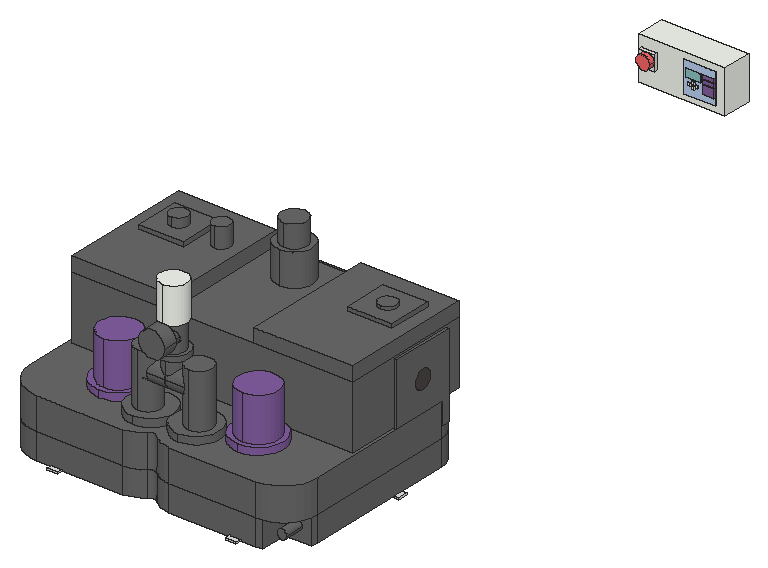
Revit family "11055", category Generic Models, Revit 2021
Family settings
  Can host rebar = No
  Round Connector Dimension = Use Diameter
  Part Type = Normal
  Work Plane-Based = No
  Always vertical = Yes
  Cut with Voids When Loaded = No
  Shared = Yes
  Room Calculation Point = No
Parameters (values of type "11055")
  SUPPLIER = "KESSEL"
  SA700ID49 = "Protection Class I"
  SA700ID48 = "no"
  SA700ID47 = "no"
  SA700ID46 = "yes"
  SA700ID37 = 16000 mm
  SA700ID34 = 47
  SA700ID33 = 3.2 W
  SA700ID32 = 115.75 kg
  SA700ID31 = 1
  SA700ID30 = 2
  SA700ID29 = "GLRD"
  SA700ID21 = 1600
  SA700ID10 = "yes"
  SA700ID08 = 400 V
  PROCUREWEBLINK = "https://p.caden.as/kessel/11055"
  PROCURELINK = "p.caden.as/kessel/11055"
  PROCUREDATALASTUPDATE = "2024-05-22T12:17:51.099298213+01:00"
  PREVIEW = "../../bilder/ksb_w_11055.png"
  PRC_SPECIFICATIONLINK = "https://ausschreiben.de/catalog/kessel/catalogItem/36ce452b-233b-484b-bd8c-951a5c83d3db"
  NN = "Lifting station Aqualift F XL"
  NBSYN = "$SA810ID03."
  NB = "11055"
  Model = "11055"
  Manufacturer = "KESSEL"
  MIdent = "{$CADENAS_DATA/23d-libs/kessel/kessel_vdi_import/4/entwaesserung/hebeanlage20aqualift20f20xl.prj},200 {STYP=ASS},{VTYP=3D},{NB=11055},{LINA=11055},{NN=Lifting station Aqualift F XL},{DATE=21.11.2022 10:48:11},{GEOMDATE=21.11.2022 10:48:11},{VERSION=},{LINEID=80},{WBVAR=LODLEVEL},{WBNUMERIC=LODLEVEL}  {NB=11055},{LINA=11055},{KT=DUMMY},{PREVIEW=../../bilder/ksb_w_11055.png},{SA700ID04=Hebeanlage Aqualift F XL 450 l, Duo, SPF 3000-S3, Schieber},{SA810ID06=04026092057223},{SA700ID34=47.00},{SA010ID03=201805},{SA810ID03=11055},{SA810ID10=Aqualift F XL 3000W-S3 Duo 450L m.S.KESSEL Aqualift F XL Hebeanlage für fäkalienhaltiges und fäkalienfreiesAbwasser. Zur Aufstellung in frostgeschützten Räumen.Duoanlage mit zwei Pumpen des Typs SPF 3000-S3 Sammelbehälter aus Polyethylen, mit verschraubter Reinigungsöffnung,Anschlussstutzen für Zulauf von oben DN100/150.Inklusive Tauchrohr zur pneumatischen Niveauerfassung,Entlüftungsanschluss DN 70 und Anschluss für eine Handmembranpumpe DN 32.Behälter inklusive Haltewinkel zur Auftriebssicherung.Behältervolumen 450 Liter, max. Nutzvolumen bei Zulauf von oben ca. 250 Liter.Zwei seitliche und drei rückseitige Anbohrflächen zur Montage weiterer Zuläufe bis DN 200 unter Verwendung von Durchgangsdichtungen.Inklusive KESSEL Schaltgerät Aqualift Comfort 400 V.Anwenderfreundliche Menüführung im mehrzeiligem Display. MitSelbstdiagnosesystem (SDS) und Erinnerungsfunktion für nächste Wartung.Anzeige der aktuellen Messwerte. Einfache Einstellung derfunktionsrelevanten Parameter, inklusive Betriebsstundenzähler und potentialfreiem Kontakt. Optionale Weiterleitung von Alarm- und Sammelstörmeldung über GSM Schnittstelle.Schaltgerät mit Volltextanzeige in sechs Sprachen.Abwasserpumpe(n) mit Freistromrad zur Förderung von fäkalienfreiem und fäkalienhaltigem Abwasser gemäß DIN EN 12050-1. Freier Kugeldurchgang mindestens 40 mm. Pumpe(n) überflutungssicher.Inklusive Rückflussverhinderer, mit Druckabgang aus Kunststoff DN 100. Inklusive Absperrschieber.Pumpe(n) Typ SPF 3000-S3Fördermenge: max. 47 m³/hFörderhöhe: max. 16 mNennleistung (P2): 2,7 KW je PumpeAufnahmeleistung (P1):  3,3 KW je PumpeBetriebsspannung: 400 V DSNennfrequenz: 50 HzNennstrom: 5,4 AAbsicherung: 3 x 16 A trägeSchutzart (Pumpe): IP68 3mWS/48hSchutzart (Schaltgerät): IP 65Bertiebsart: S3 (50 % Einschaltdauer)Kabellänge: 5 mAußenmaße Anlage mit 450 Liter Behälter (BxTxH): 1260 x 960 x 770 mm},{SA700ID37=16.00},{SA700ID33=3.20},{SA700ID08=400},{SA700ID30=2},{SA700ID32=115.75},{SA700ID49=Schutzklasse I},{SA700ID50=intern},{SA200ID03=6},{SA250ID03=vertikal},{SA260ID03=Trockenläuferpumpe},{SA350ID03=normalansaugend},{SA400ID03=E-Motor für Drehstrom},{SA460ID03=direkt},{SA500ID03=Kunststoff, Edelstahl},{SA700ID06=100},{SA700ID07=100},{SA700ID09=3/N/PE 400V},{SA700ID10=Ja},{SA700ID11=50},{SA700ID12=IP 68},{SA700ID13=F},{SA700ID15=40},{SA700ID21=1600.00},{SA700ID22=2.70},{SA700ID23=2845},{SA700ID24=2845},{SA700ID26=5.40},{SA700ID27=41.00},{SA700ID28=durchgehend},{SA700ID29=GLRD},{SA700ID31=1},{SA700ID46=ja},{SA700ID47=nein},{SA700ID48=nein},{SA110ID04=Hebeanlage Aqualift F XL},{SA300ID03=einstufig},{SA700ID44=10.00},{SA700ID45=10.00},{SA010ID04=KESSEL AG},{LODLEVEL=200},{LINK=https://www.kessel.de/info?han=11055},{SA970ID01=970},{SA970ID02=7202},{SA970ID03=11055},{SA970ID04=11002617},{SA970ID05=QUAD},{SA970ID06=-655.51},{SA970ID07=-836},{SA970ID08=0},{SA970ID09=1},{SA970ID10=0},{SA970ID11=0},{SA970ID12=0},{SA970ID13=1},{SA970ID14=0},{SA970ID15=1311.02},{SA970ID16=985.99},{SA970ID17=818.99},{LODLEVEL_=200,'Low'},{LODLEVEL_DEU=200,'Low'},{LINK_=https://www.kessel.de/info?han=11055},{LINK_DEU=https://www.kessel.de/info?han=11055},{LODLEVEL_3DB=11055_200},{DNIN1=100},{DNIN2=70},{DNIN4=10},{DNIN5=10},{DNIN6=50},{DNIN7=50},{DNIN8=50},{DNIN9=50},{DNOUT1=32},{DNOUT2=100},{DNOUT3=70},{ISD1=96},{ISD2=10},{ISDOUT1=40},{ISDOUT2=85},{ISDOUT3=65},{SA010ID01=010},{SA010ID02=4},{SA010ID06=www.kessel.de},{SA010ID07=www.kessel.de},{SA010ID12=20180713},{SA010ID13=DEU},{SA010ID14=DE},{SA100ID01=100},{SA100ID02=4},{SA100ID04=Entwässerung},{SA110ID01=110},{SA110ID02=6},{SA200ID01=200},{SA200ID02=6},{SA250ID01=250},{SA250ID02=2},{SA260ID01=260},{SA260ID02=2},{SA300ID01=300},{SA300ID02=1},{SA350ID01=350},{SA350ID02=1},{SA400ID01=400},{SA400ID02=2},{SA460ID01=460},{SA460ID02=1},{SA500ID01=500},{SA500ID02=1},{SA700ID01=700},{SA700ID02=58},{SA700ID10_=1},{SA700ID16=0},{SA700ID25=0},{SA700ID46_=1},{SA700ID47_=0},{SA700ID48_=0},{SA700ID49_=1},{SA700ID50_=2},{SA800ID01=800},{SA800ID02=22},{SA810ID01=810},{SA810ID02=58},{SA810ID04=11055},{SA810ID07=58},{SA810ID09=1},{SA810ID14=PCE},{SA810ID15=1},{SA810ID16=NMP},{SA960ID03=58},{SA960ID04=3L},{SA960ID08=https://www.kessel.de/info?han=11055},{SA010ID08=4026092000007},{SA100ID05=Hebeanlage},{SA110ID06=Hebeanlage}"
  LINK = "https://www.kessel.de/info?han=11055"
  LINA = "11055"
  Default Elevation = 0 mm
  CREATOR = "CADENAS GmbH"
  CATALOG = "KESSEL"
  BOMINFO = "LINA"
  ARTICLENO = "NB"
  4.810.00.9 Order quantity (multiplicator) = "1"
  4.810.00.7 Media- connection number = "58"
  4.810.00.6 GTIN number = "04026092057223"
  4.810.00.4 DATANORM number = "11055"
  4.810.00.3 Producer order number = "11055"
  4.710.03.7 Mass (net) = 115.75 kg
  4.710.03.6 Height = 806 mm
  4.710.03.5 Width = 1000 mm
  4.710.03.4 Length = 1260 mm
  4.710.03.3 Type of dimensions = "2"
  4.710.02.8 Area of application of wastewater pump = "1"
  4.710.02.7 Art des S2/S3-Betriebs = "50 %"
  4.710.02.6 Duty type = "S3"
  4.710.02.5 Cutting device = "0"
  4.710.02.4 Attached pump control = "1"
  4.710.02.3 Free passage = 40 mm
  4.710.01.6 Option to connect to building automation = "40"
  4.710.01.5 Load regulation = "0"
  4.710.01.4 Designation of closed-loop control = "250"
  4.710.01.3 Identifier for closed-loop control = "450"
  4.700.00.9 Voltage = 0
  4.700.00.8 Nominal connection size on suction side = "100"
  4.700.00.7 Nominal connection size on pressure side = "100"
  4.700.00.6 Type of connection = "100"
  4.700.00.4 Product indentification = "Hebeanlage Aqualift F XL 450 l, Duo, SPF 3000-S3, Schieber"
  4.700.00.28 Motor pump shaft = "durchgehend"
  4.700.00.27 Starting current = 41
  4.700.00.26 Maximum power consumption per pump / drive = 5.4
  4.700.00.25 Minimum speed at internal speed adjustment = 0
  4.700.00.24 Nominal speed / maximum speed n = 47.4167
  4.700.00.23 Nominal speed of motor = 47.4167
  4.700.00.22 Maximum shaft output (P2) per pump/drive = 2.7 W
  4.700.00.16 Maximum temperature of pumped medium = 0 °C
  4.700.00.15 Increased safety class = "40 °C"
  4.700.00.13 Type of protection = "F"
  4.700.00.12 Frequency = 0
  4.700.00.11 Stern-/Dreieck-Anlaufschaltung bei Dreiphasenanschluss oder Drehstrom = "50 Hz"
  4.700.00.10 Phase = "1"
  4.500.00.3 Variant / Variant type / Accessories-name = "Kunststoff, Edelstahl"
  4.460.00.3 Variant / Variant type / Accessories-name = "direkt"
  4.400.00.3 Variant / Variant type / Accessories-name = "E-Motor für Drehstrom"
  4.350.00.3 Variant / Variant type / Accessories-name = "normalansaugend"
  4.300.00.3 Variant / Variant type / Accessories-name = "einstufig"
  4.260.00.3 Variant / Variant type / Accessories-name = "Trockenläuferpumpe"
  4.250.00.3 Variant / Variant type / Accessories-name = "vertikal"
  4.200.00.3 Variant / Variant type / Accessories-name = "6"
  4.110.00.6 Product classification = "Hebeanlage"
  4.110.00.4 Product indentification = "Hebeanlage Aqualift F XL"
  4.100.00.5 Main groups of wares = "Hebeanlage"
  4.100.00.4 Product indentification = "Entwässerung"
  4.010.00.8 Producer ID number = "4026092000007"
  4.010.00.7 Comment = "www.kessel.de"
  4.010.00.6 Web address of the manufacturer = "www.kessel.de"
  4.010.00.4 Manufacturer name = "KESSEL AG"
  4.010.00.3 Date of issuance (month) of guideline = "201805"
  4.010.00.2 Sheet number of the guideline = "4"
  4.010.00.14 Kennungen der Projektländer, für die die Datei gültig ist = "DE"
  4.010.00.13 Sprache der Datei = "DEU"
  4.010.00.12 Stand des Herstellerkatalogs = "20180713"
Reference planes
  plane 1 "Center (Front/Back)": y = 0
  plane 2: z = 0
  plane 3 "Center (Left/Right)": x = 0
Dimensions and locks
  aligned and locked: level to plane 2
Nested families
  nested 1: "11055_content" at (0, 0, 0), type "11055_Content"
  nested 2: "11055_part1_X0Y0" at (1000, 1000, 1200), type "11055_PART1_X0Y0"
  nested 3: "11055_part2_X0Y0" at (0, 0, 0), type "11055_PART2_X0Y0"
Connectors
  electrical at (861, 933, 1201.5)
    settings: on nested 2, index 1, voltage 0 V, apparent load 0 VA, apparent load phase1 0 VA, apparent load phase2 0 VA, apparent load phase3 0 VA, power factor 1, load classification "Other", number of poles 1, system type 31, power factor state 1, is connector primary yes, connector utility no, sub classification motor no, connector description ""
  piping at (0, 0, 771), diameter 100
    settings: on nested 3, index 2, connector inside diameter 609.6 mm, connector length 0 mm, flow factor 0, pipe flow 0.0 L/s, pressure drop 0.0 Pa, fitting loss kfactor 0, connector angle 0.00°, fixture units 0, engagement length 0 mm, angle of deflection 0.00°, flow configuration 0, flow direction 1, fitting loss method 2, system type 8, joint type 0, gender type 0, connector reference index -1, connector utility 0, adjustable connector no, is connector primary yes, connector description ""
  piping at (631, -85, 392), diameter 70
    settings: on nested 3, index 3, connector inside diameter 609.6 mm, connector length 0 mm, flow factor 0, pipe flow 0.0 L/s, pressure drop 0.0 Pa, fitting loss kfactor 0, connector angle 0.00°, fixture units 0, engagement length 0 mm, angle of deflection 0.00°, flow configuration 0, flow direction 0, fitting loss method 2, system type 8, joint type 0, gender type 0, connector reference index -1, connector utility 0, adjustable connector no, is connector primary no, connector description ""
  piping at (358.7, 150.5, 392), diameter 70
    settings: on nested 3, index 4, connector inside diameter 609.6 mm, connector length 0 mm, flow factor 0, pipe flow 0.0 L/s, pressure drop 0.0 Pa, fitting loss kfactor 0, connector angle 0.00°, fixture units 0, engagement length 0 mm, angle of deflection 0.00°, flow configuration 0, flow direction 0, fitting loss method 2, system type 8, joint type 0, gender type 0, connector reference index -1, connector utility 0, adjustable connector no, is connector primary no, connector description ""
  piping at (0, 150.5, 392), diameter 70
    settings: on nested 3, index 5, connector inside diameter 609.6 mm, connector length 0 mm, flow factor 0, pipe flow 0.0 L/s, pressure drop 0.0 Pa, fitting loss kfactor 0, connector angle 0.00°, fixture units 0, engagement length 0 mm, angle of deflection 0.00°, flow configuration 0, flow direction 0, fitting loss method 2, system type 8, joint type 0, gender type 0, connector reference index -1, connector utility 0, adjustable connector no, is connector primary no, connector description ""
  piping at (-357.7, 150.5, 392), diameter 70
    settings: on nested 3, index 6, connector inside diameter 609.6 mm, connector length 0 mm, flow factor 0, pipe flow 0.0 L/s, pressure drop 0.0 Pa, fitting loss kfactor 0, connector angle 0.00°, fixture units 0, engagement length 0 mm, angle of deflection 0.00°, flow configuration 0, flow direction 0, fitting loss method 2, system type 8, joint type 0, gender type 0, connector reference index -1, connector utility 0, adjustable connector no, is connector primary no, connector description ""
  piping at (-630.5, -85, 392), diameter 70
    settings: on nested 3, index 7, connector inside diameter 609.6 mm, connector length 0 mm, flow factor 0, pipe flow 0.0 L/s, pressure drop 0.0 Pa, fitting loss kfactor 0, connector angle 0.00°, fixture units 0, engagement length 0 mm, angle of deflection 0.00°, flow configuration 0, flow direction 0, fitting loss method 2, system type 8, joint type 0, gender type 0, connector reference index -1, connector utility 0, adjustable connector no, is connector primary no, connector description ""
  piping at (-0.5, -778, 611), diameter 100
    settings: on nested 3, index 8, connector inside diameter 609.6 mm, connector length 0 mm, flow factor 0, pipe flow 0.0 L/s, pressure drop 0.0 Pa, fitting loss kfactor 0, connector angle 0.00°, fixture units 0, engagement length 0 mm, angle of deflection 0.00°, flow configuration 0, flow direction 2, fitting loss method 2, system type 7, joint type 0, gender type 0, connector reference index -1, connector utility 0, adjustable connector no, is connector primary no, connector description ""
  piping at (-270, -60, 681), diameter 70
    settings: on nested 3, index 9, connector inside diameter 609.6 mm, connector length 0 mm, flow factor 0, pipe flow 0.0 L/s, pressure drop 0.0 Pa, fitting loss kfactor 0, connector angle 0.00°, fixture units 0, engagement length 0 mm, angle of deflection 0.00°, flow configuration 0, flow direction 2, fitting loss method 2, system type 8, joint type 0, gender type 0, connector reference index -1, connector utility 0, adjustable connector no, is connector primary no, connector description ""
  piping at (565, -772.67, 61), diameter 32
    settings: on nested 3, index 10, connector inside diameter 609.6 mm, connector length 0 mm, flow factor 0, pipe flow 0.0 L/s, pressure drop 0.0 Pa, fitting loss kfactor 0, connector angle 0.00°, fixture units 0, engagement length 0 mm, angle of deflection 0.00°, flow configuration 0, flow direction 2, fitting loss method 2, system type 7, joint type 0, gender type 0, connector reference index -1, connector utility 0, adjustable connector no, is connector primary no, connector description ""
  electrical at (304.25, -577, 477)
    settings: on nested 3, index 11, voltage 0 V, apparent load 0 VA, apparent load phase1 0 VA, apparent load phase2 0 VA, apparent load phase3 0 VA, power factor 1, load classification "Other", number of poles 1, system type 31, power factor state 1, is connector primary no, connector utility no, sub classification motor no, connector description ""
  electrical at (-304.25, -577, 477)
    settings: on nested 3, index 12, voltage 0 V, apparent load 0 VA, apparent load phase1 0 VA, apparent load phase2 0 VA, apparent load phase3 0 VA, power factor 1, load classification "Other", number of poles 1, system type 31, power factor state 1, is connector primary no, connector utility no, sub classification motor no, connector description ""
  electrical at (-457.5, -59.5, 650)
    settings: on nested 3, index 13, voltage 0 V, apparent load 0 VA, apparent load phase1 0 VA, apparent load phase2 0 VA, apparent load phase3 0 VA, power factor 1, load classification "Other", number of poles 1, system type 31, power factor state 1, is connector primary no, connector utility no, sub classification motor no, connector description ""
Definition of nested family "11055_part1_X0Y0"
  Parameters (values of type "11055_PART1_X0Y0")
    SUPPLIER = "KESSEL"
    SA700ID49 = "Protection Class I"
    SA700ID48 = "no"
    SA700ID47 = "no"
    SA700ID46 = "yes"
    SA700ID37 = 16000 mm
    SA700ID34 = 47
    SA700ID33 = 3.2 W
    SA700ID32 = 115.75 kg
    SA700ID31 = 1
    SA700ID30 = 2
    SA700ID29 = "GLRD"
    SA700ID21 = 1600
    SA700ID10 = "yes"
    SA700ID08 = 400 V
    PREVIEW = "../../bilder/ksb_w_11055.png"
    NBSYN = "$SA810ID03._PART1"
    NB = "11055_PART1"
    Model = "11055_PART1"
    Manufacturer = "KESSEL"
    MIdent = "{$CADENAS_DATA/23d-libs/kessel/kessel_vdi_import/4/entwaesserung/hebeanlage20aqualift20f20xl.prj},220 {VTYP=3D},{NB=11055_PART1},{LINA=11055_PART1},{NN=Lifting station Aqualift F XL_PART1},{NOPRJ=TRUE},{DATE=21.11.2022 10:48:11},{GEOMDATE=21.11.2022 10:48:11},{VERSION=},{LINEID=80},{WBVAR=LODLEVEL},{WBNUMERIC=LODLEVEL}  {NB=11055_PART1},{LINA=11055_PART1},{KT=DUMMY},{PREVIEW=../../bilder/ksb_w_11055.png},{SA700ID04=Hebeanlage Aqualift F XL 450 l, Duo, SPF 3000-S3, Schieber},{SA810ID06=04026092057223},{SA700ID34=47.00},{SA010ID03=201805},{SA810ID03=11055},{SA810ID10=Aqualift F XL 3000W-S3 Duo 450L m.S.KESSEL Aqualift F XL Hebeanlage für fäkalienhaltiges und fäkalienfreiesAbwasser. Zur Aufstellung in frostgeschützten Räumen.Duoanlage mit zwei Pumpen des Typs SPF 3000-S3 Sammelbehälter aus Polyethylen, mit verschraubter Reinigungsöffnung,Anschlussstutzen für Zulauf von oben DN100/150.Inklusive Tauchrohr zur pneumatischen Niveauerfassung,Entlüftungsanschluss DN 70 und Anschluss für eine Handmembranpumpe DN 32.Behälter inklusive Haltewinkel zur Auftriebssicherung.Behältervolumen 450 Liter, max. Nutzvolumen bei Zulauf von oben ca. 250 Liter.Zwei seitliche und drei rückseitige Anbohrflächen zur Montage weiterer Zuläufe bis DN 200 unter Verwendung von Durchgangsdichtungen.Inklusive KESSEL Schaltgerät Aqualift Comfort 400 V.Anwenderfreundliche Menüführung im mehrzeiligem Display. MitSelbstdiagnosesystem (SDS) und Erinnerungsfunktion für nächste Wartung.Anzeige der aktuellen Messwerte. Einfache Einstellung derfunktionsrelevanten Parameter, inklusive Betriebsstundenzähler und potentialfreiem Kontakt. Optionale Weiterleitung von Alarm- und Sammelstörmeldung über GSM Schnittstelle.Schaltgerät mit Volltextanzeige in sechs Sprachen.Abwasserpumpe(n) mit Freistromrad zur Förderung von fäkalienfreiem und fäkalienhaltigem Abwasser gemäß DIN EN 12050-1. Freier Kugeldurchgang mindestens 40 mm. Pumpe(n) überflutungssicher.Inklusive Rückflussverhinderer, mit Druckabgang aus Kunststoff DN 100. Inklusive Absperrschieber.Pumpe(n) Typ SPF 3000-S3Fördermenge: max. 47 m³/hFörderhöhe: max. 16 mNennleistung (P2): 2,7 KW je PumpeAufnahmeleistung (P1):  3,3 KW je PumpeBetriebsspannung: 400 V DSNennfrequenz: 50 HzNennstrom: 5,4 AAbsicherung: 3 x 16 A trägeSchutzart (Pumpe): IP68 3mWS/48hSchutzart (Schaltgerät): IP 65Bertiebsart: S3 (50 % Einschaltdauer)Kabellänge: 5 mAußenmaße Anlage mit 450 Liter Behälter (BxTxH): 1260 x 960 x 770 mm},{SA700ID37=16.00},{SA700ID33=3.20},{SA700ID08=400},{SA700ID30=2},{SA700ID32=115.75},{SA700ID49=Schutzklasse I},{SA700ID50=intern},{SA200ID03=6},{SA250ID03=vertikal},{SA260ID03=Trockenläuferpumpe},{SA350ID03=normalansaugend},{SA400ID03=E-Motor für Drehstrom},{SA460ID03=direkt},{SA500ID03=Kunststoff, Edelstahl},{SA700ID06=100},{SA700ID07=100},{SA700ID09=3/N/PE 400V},{SA700ID10=Ja},{SA700ID11=50},{SA700ID12=IP 68},{SA700ID13=F},{SA700ID15=40},{SA700ID21=1600.00},{SA700ID22=2.70},{SA700ID23=2845},{SA700ID24=2845},{SA700ID26=5.40},{SA700ID27=41.00},{SA700ID28=durchgehend},{SA700ID29=GLRD},{SA700ID31=1},{SA700ID46=ja},{SA700ID47=nein},{SA700ID48=nein},{SA110ID04=Hebeanlage Aqualift F XL},{SA300ID03=einstufig},{SA700ID44=10.00},{SA700ID45=10.00},{SA010ID04=KESSEL AG},{LODLEVEL=200},{LINK=https://www.kessel.de/info?han=11055},{SA970ID01=970},{SA970ID02=7202},{SA970ID03=11055},{SA970ID04=11002617},{SA970ID05=QUAD},{SA970ID06=-655.51},{SA970ID07=-836},{SA970ID08=0},{SA970ID09=1},{SA970ID10=0},{SA970ID11=0},{SA970ID12=0},{SA970ID13=1},{SA970ID14=0},{SA970ID15=1311.02},{SA970ID16=985.99},{SA970ID17=818.99},{LODLEVEL_=200,'Low'},{LODLEVEL_DEU=200,'Low'},{LINK_=https://www.kessel.de/info?han=11055},{LINK_DEU=https://www.kessel.de/info?han=11055},{LODLEVEL_3DB=11055_200},{DNIN1=100},{DNIN2=70},{DNIN4=10},{DNIN5=10},{DNIN6=50},{DNIN7=50},{DNIN8=50},{DNIN9=50},{DNOUT1=32},{DNOUT2=100},{DNOUT3=70},{ISD1=96},{ISD2=10},{ISDOUT1=40},{ISDOUT2=85},{ISDOUT3=65},{SA010ID01=010},{SA010ID02=4},{SA010ID06=www.kessel.de},{SA010ID07=www.kessel.de},{SA010ID12=20180713},{SA010ID13=DEU},{SA010ID14=DE},{SA100ID01=100},{SA100ID02=4},{SA100ID04=Entwässerung},{SA110ID01=110},{SA110ID02=6},{SA200ID01=200},{SA200ID02=6},{SA250ID01=250},{SA250ID02=2},{SA260ID01=260},{SA260ID02=2},{SA300ID01=300},{SA300ID02=1},{SA350ID01=350},{SA350ID02=1},{SA400ID01=400},{SA400ID02=2},{SA460ID01=460},{SA460ID02=1},{SA500ID01=500},{SA500ID02=1},{SA700ID01=700},{SA700ID02=58},{SA700ID10_=1},{SA700ID16=0},{SA700ID25=0},{SA700ID46_=1},{SA700ID47_=0},{SA700ID48_=0},{SA700ID49_=1},{SA700ID50_=2},{SA800ID01=800},{SA800ID02=22},{SA810ID01=810},{SA810ID02=58},{SA810ID04=11055},{SA810ID07=58},{SA810ID09=1},{SA810ID14=PCE},{SA810ID15=1},{SA810ID16=NMP},{SA960ID03=58},{SA960ID04=3L},{SA960ID08=https://www.kessel.de/info?han=11055},{SA010ID08=4026092000007},{SA100ID05=Hebeanlage},{SA110ID06=Hebeanlage}"
    LINK = "https://www.kessel.de/info?han=11055"
    LINA = "11055_PART1"
    Default Elevation = 1219.2 mm
    CREATOR = "CADENAS GmbH"
    CATALOG = "KESSEL"
    BOMINFO = "LINA"
    ARTICLENO = "NB"
    4.810.00.9 Order quantity (multiplicator) = "1"
    4.810.00.7 Media- connection number = "58"
    4.810.00.6 GTIN number = "04026092057223"
    4.810.00.4 DATANORM number = "11055"
    4.810.00.3 Producer order number = "11055"
    4.710.03.7 Mass (net) = 115.75 kg
    4.710.03.6 Height = 806 mm
    4.710.03.5 Width = 1000 mm
    4.710.03.4 Length = 1260 mm
    4.710.03.3 Type of dimensions = "2"
    4.710.02.8 Area of application of wastewater pump = "1"
    4.710.02.7 Art des S2/S3-Betriebs = "50 %"
    4.710.02.6 Duty type = "S3"
    4.710.02.5 Cutting device = "0"
    4.710.02.4 Attached pump control = "1"
    4.710.02.3 Free passage = 40 mm
    4.710.01.6 Option to connect to building automation = "40"
    4.710.01.5 Load regulation = "0"
    4.710.01.4 Designation of closed-loop control = "250"
    4.710.01.3 Identifier for closed-loop control = "450"
    4.700.00.9 Voltage = 0
    4.700.00.8 Nominal connection size on suction side = "100"
    4.700.00.7 Nominal connection size on pressure side = "100"
    4.700.00.6 Type of connection = "100"
    4.700.00.4 Product indentification = "Hebeanlage Aqualift F XL 450 l, Duo, SPF 3000-S3, Schieber"
    4.700.00.28 Motor pump shaft = "durchgehend"
    4.700.00.27 Starting current = 41
    4.700.00.26 Maximum power consumption per pump / drive = 5.4
    4.700.00.25 Minimum speed at internal speed adjustment = 0
    4.700.00.24 Nominal speed / maximum speed n = 47.4167
    4.700.00.23 Nominal speed of motor = 47.4167
    4.700.00.22 Maximum shaft output (P2) per pump/drive = 2.7 W
    4.700.00.16 Maximum temperature of pumped medium = 0 °C
    4.700.00.15 Increased safety class = "40 °C"
    4.700.00.13 Type of protection = "F"
    4.700.00.12 Frequency = 0
    4.700.00.11 Stern-/Dreieck-Anlaufschaltung bei Dreiphasenanschluss oder Drehstrom = "50 Hz"
    4.700.00.10 Phase = "1"
    4.500.00.3 Variant / Variant type / Accessories-name = "Kunststoff, Edelstahl"
    4.460.00.3 Variant / Variant type / Accessories-name = "direkt"
    4.400.00.3 Variant / Variant type / Accessories-name = "E-Motor für Drehstrom"
    4.350.00.3 Variant / Variant type / Accessories-name = "normalansaugend"
    4.300.00.3 Variant / Variant type / Accessories-name = "einstufig"
    4.260.00.3 Variant / Variant type / Accessories-name = "Trockenläuferpumpe"
    4.250.00.3 Variant / Variant type / Accessories-name = "vertikal"
    4.200.00.3 Variant / Variant type / Accessories-name = "6"
    4.110.00.6 Product classification = "Hebeanlage"
    4.110.00.4 Product indentification = "Hebeanlage Aqualift F XL"
    4.100.00.5 Main groups of wares = "Hebeanlage"
    4.100.00.4 Product indentification = "Entwässerung"
    4.010.00.8 Producer ID number = "4026092000007"
    4.010.00.7 Comment = "www.kessel.de"
    4.010.00.6 Web address of the manufacturer = "www.kessel.de"
    4.010.00.4 Manufacturer name = "KESSEL AG"
    4.010.00.3 Date of issuance (month) of guideline = "201805"
    4.010.00.2 Sheet number of the guideline = "4"
    4.010.00.14 Kennungen der Projektländer, für die die Datei gültig ist = "DE"
    4.010.00.13 Sprache der Datei = "DEU"
    4.010.00.12 Stand des Herstellerkatalogs = "20180713"
  Reference planes
    plane 1 "Center (Front/Back)": y = 0
    plane 2: z = 0
    plane 3 "Center (Left/Right)": x = 0
  Dimensions and locks
    aligned and locked: level to plane 2
  Nested families
    nested 1: "11055_part1_content" at (0, 0, 0), type "11055_PART1_Content"
  Definition of nested family "11055_part1_content"
    Parameters (values of type "11055_PART1_Content")
      SUPPLIER = "KESSEL"
      SA700ID49 = "Protection Class I"
      SA700ID48 = "no"
      SA700ID47 = "no"
      SA700ID46 = "yes"
      SA700ID37 = 16000 mm
      SA700ID34 = 47
      SA700ID33 = 3.2 W
      SA700ID32 = 115.75 kg
      SA700ID31 = 1
      SA700ID30 = 2
      SA700ID29 = "GLRD"
      SA700ID21 = 1600
      SA700ID10 = "yes"
      SA700ID08 = 400 V
      PREVIEW = "../../bilder/ksb_w_11055.png"
      NBSYN = "$SA810ID03._PART1"
      NB = "11055_PART1"
      Model = "11055_PART1"
      Manufacturer = "KESSEL"
      LINK = "https://www.kessel.de/info?han=11055"
      LINA = "11055_PART1"
      Default Elevation = 1219.2 mm
      CREATOR = "CADENAS GmbH"
      CATALOG = "KESSEL"
      BOMINFO = "LINA"
      ARTICLENO = "NB"
      4.810.00.9 Order quantity (multiplicator) = "1"
      4.810.00.7 Media- connection number = "58"
      4.810.00.6 GTIN number = "04026092057223"
      4.810.00.4 DATANORM number = "11055"
      4.810.00.3 Producer order number = "11055"
      4.710.03.7 Mass (net) = 115.75 kg
      4.710.03.6 Height = 806 mm
      4.710.03.5 Width = 1000 mm
      4.710.03.4 Length = 1260 mm
      4.710.03.3 Type of dimensions = "2"
      4.710.02.8 Area of application of wastewater pump = "1"
      4.710.02.7 Art des S2/S3-Betriebs = "50 %"
      4.710.02.6 Duty type = "S3"
      4.710.02.5 Cutting device = "0"
      4.710.02.4 Attached pump control = "1"
      4.710.02.3 Free passage = 40 mm
      4.710.01.6 Option to connect to building automation = "40"
      4.710.01.5 Load regulation = "0"
      4.710.01.4 Designation of closed-loop control = "250"
      4.710.01.3 Identifier for closed-loop control = "450"
      4.700.00.9 Voltage = 0
      4.700.00.8 Nominal connection size on suction side = "100"
      4.700.00.7 Nominal connection size on pressure side = "100"
      4.700.00.6 Type of connection = "100"
      4.700.00.4 Product indentification = "Hebeanlage Aqualift F XL 450 l, Duo, SPF 3000-S3, Schieber"
      4.700.00.28 Motor pump shaft = "durchgehend"
      4.700.00.27 Starting current = 41
      4.700.00.26 Maximum power consumption per pump / drive = 5.4
      4.700.00.25 Minimum speed at internal speed adjustment = 0
      4.700.00.24 Nominal speed / maximum speed n = 47.4167
      4.700.00.23 Nominal speed of motor = 47.4167
      4.700.00.22 Maximum shaft output (P2) per pump/drive = 2.7 W
      4.700.00.16 Maximum temperature of pumped medium = 0 °C
      4.700.00.15 Increased safety class = "40 °C"
      4.700.00.13 Type of protection = "F"
      4.700.00.12 Frequency = 0
      4.700.00.11 Stern-/Dreieck-Anlaufschaltung bei Dreiphasenanschluss oder Drehstrom = "50 Hz"
      4.700.00.10 Phase = "1"
      4.500.00.3 Variant / Variant type / Accessories-name = "Kunststoff, Edelstahl"
      4.460.00.3 Variant / Variant type / Accessories-name = "direkt"
      4.400.00.3 Variant / Variant type / Accessories-name = "E-Motor für Drehstrom"
      4.350.00.3 Variant / Variant type / Accessories-name = "normalansaugend"
      4.300.00.3 Variant / Variant type / Accessories-name = "einstufig"
      4.260.00.3 Variant / Variant type / Accessories-name = "Trockenläuferpumpe"
      4.250.00.3 Variant / Variant type / Accessories-name = "vertikal"
      4.200.00.3 Variant / Variant type / Accessories-name = "6"
      4.110.00.6 Product classification = "Hebeanlage"
      4.110.00.4 Product indentification = "Hebeanlage Aqualift F XL"
      4.100.00.5 Main groups of wares = "Hebeanlage"
      4.100.00.4 Product indentification = "Entwässerung"
      4.010.00.8 Producer ID number = "4026092000007"
      4.010.00.7 Comment = "www.kessel.de"
      4.010.00.6 Web address of the manufacturer = "www.kessel.de"
      4.010.00.4 Manufacturer name = "KESSEL AG"
      4.010.00.3 Date of issuance (month) of guideline = "201805"
      4.010.00.2 Sheet number of the guideline = "4"
      4.010.00.14 Kennungen der Projektländer, für die die Datei gültig ist = "DE"
      4.010.00.13 Sprache der Datei = "DEU"
      4.010.00.12 Stand des Herstellerkatalogs = "20180713"
    Reference planes
      plane 1 "Center (Front/Back)": y = 0
      plane 2: z = 0
      plane 3 "Center (Left/Right)": x = 0
    Forms (mm)
      Extrusion 1, solid, detail levels medium+fine
        sketch origin (189.25, -1.75, 0.2) x (0, -1, 0) y (0, 0, 1)
          loop
            line (0, 187.8) -> (0, 0) -> (127.75, 0) -> (127.75, 187.8) -> (0, 187.8)
        from 0 to 378.5
      Extrusion 2, solid, detail levels medium+fine
        sketch origin (-4, -67, 0) x (0, 1, 0) y (-1, 0, 0)
          loop
            circle (0, 0) r 12.5
        from 0 to 1.5
      Extrusion 3, solid, detail levels medium+fine
        sketch origin (150.8, -129.5, 26.5) x (0, -1, 0) y (0, 0, 1)
          loop
            line (-1.2, 134.8) -> (-1.2, 0) -> (0.25, 0) -> (0.25, 134.8) -> (-1.2, 134.8)
        from 0 to 139.9
      Extrusion 4, solid, detail levels medium+fine
        sketch origin (72.55, -129.75, 66) x (0, -1, 0) y (0, 0, 1)
          loop
            line (-1, 12) -> (-1, 0) -> (0.5, 0) -> (0.5, 12) -> (-1, 12)
        from 0 to 12
      Extrusion 5, solid, detail levels medium+fine
        sketch origin (84.45, -129.75, 93.4) x (0, -1, 0) y (0, 0, 1)
          loop
            line (-1, 37) -> (-1, 0) -> (0.5, 0) -> (0.5, 37) -> (-1, 37)
        from 0 to 66
      Extrusion 6, solid, detail levels medium+fine
        sketch origin (55.3, -129.75, 74) x (0, -1, 0) y (0, 0, 1)
          loop
            line (-1, 12) -> (-1, 0) -> (0.5, 0) -> (0.5, 12) -> (-1, 12)
        from 0 to 12
      Extrusion 7, solid, detail levels medium+fine
        sketch origin (143.3, -129.75, 94.4) x (0, -1, 0) y (0, 0, 1)
          loop
            line (0, 16) -> (0, 0) -> (1.75, 0) -> (1.75, 16) -> (0, 16)
        from 0 to 51
      Extrusion 8, solid, detail levels medium+fine
        sketch origin (143.3, -129.75, 54.4) x (0, -1, 0) y (0, 0, 1)
          loop
            line (0, 36) -> (0, 0) -> (1.75, 0) -> (1.75, 36) -> (0, 36)
        from 0 to 51
      Extrusion 9, solid, detail levels medium+fine
        sketch origin (55.3, -129.75, 57.5) x (0, -1, 0) y (0, 0, 1)
          loop
            line (-1, 12) -> (-1, 0) -> (0.5, 0) -> (0.5, 12) -> (-1, 12)
        from 0 to 12
      Extrusion 10, solid, detail levels medium+fine
        sketch origin (143.3, -129.75, 114.4) x (0, -1, 0) y (0, 0, 1)
          loop
            line (0, 16) -> (0, 0) -> (1.75, 0) -> (1.75, 16) -> (0, 16)
        from 0 to 51
      Extrusion 11, solid, detail levels medium+fine
        sketch origin (38.05, -129.75, 66) x (0, -1, 0) y (0, 0, 1)
          loop
            line (-1, 12) -> (-1, 0) -> (0.5, 0) -> (0.5, 12) -> (-1, 12)
        from 0 to 12
      Extrusion 12, solid, detail levels medium+fine
        sketch origin (47, -72, 0) x (0, 1, 0) y (-1, 0, 0)
          loop
            circle (0, 0) r 8
        from 0 to 1.5
      Extrusion 13, solid, detail levels medium+fine
        sketch origin (47, -42, 0) x (0, 1, 0) y (-1, 0, 0)
          loop
            circle (0, 0) r 5.25
        from 0 to 1.5
      Extrusion 14, solid, detail levels medium+fine
        sketch origin (77, -72, 0) x (0, 1, 0) y (-1, 0, 0)
          loop
            circle (0, 0) r 8
        from 0 to 1.5
      Extrusion 15, solid, detail levels medium+fine
        sketch origin (-94, -67, 0) x (0, 1, 0) y (-1, 0, 0)
          loop
            circle (0, 0) r 12.5
        from 0 to 1.5
      Extrusion 16, solid, detail levels medium+fine
        sketch origin (92, -42, 0) x (0, 1, 0) y (-1, 0, 0)
          loop
            circle (0, 0) r 8
        from 0 to 1.5
      Extrusion 17, solid, detail levels medium+fine
        sketch origin (107, -72, 0) x (0, 1, 0) y (-1, 0, 0)
          loop
            circle (0, 0) r 8
        from 0 to 1.5
      Extrusion 18, solid, detail levels medium+fine
        sketch origin (122, -42, 0) x (0, 1, 0) y (-1, 0, 0)
          loop
            circle (0, 0) r 8
        from 0 to 1.5
      Extrusion 19, solid, detail levels medium+fine
        sketch origin (-107.7, -129.5, 76.9) x (0, -1, 0) y (0, 0, 1)
          loop
            line (0, 67) -> (0, 0) -> (14, 0) -> (14, 67) -> (0, 67)
        from 0 to 67
      Extrusion 20, solid, detail levels medium+fine
        sketch origin (-141.2, -143.5, 110.4) x (1, 0, 0) y (0, 0, 1)
          loop
            circle (0, 0) r 30
        from 0 to 22
      Extrusion 21, solid, detail levels medium+fine
        sketch origin (127, -15, 0) x (0, 1, 0) y (-1, 0, 0)
          loop
            circle (0, 0) r 6
        from 0 to 1.5
      Extrusion 22, solid, detail levels medium+fine
        sketch origin (137, -72, 0) x (0, 1, 0) y (-1, 0, 0)
          loop
            circle (0, 0) r 8
        from 0 to 1.5
      Extrusion 23, solid, detail levels medium+fine
        sketch origin (-139, -67, 0) x (0, 1, 0) y (-1, 0, 0)
          loop
            circle (0, 0) r 12.5
        from 0 to 1.5
      Extrusion 24, solid, detail levels medium+fine
        sketch origin (152, -42, 0) x (0, 1, 0) y (-1, 0, 0)
          loop
            circle (0, 0) r 8
        from 0 to 1.5
      Extrusion 25, solid, detail levels coarse
        sketch origin (0, -83.625, 0) x (1, 0, 0) y (0, 1, 0)
          loop
            line (-189.25, -81.875) -> (189.25, -81.875) -> (189.25, 81.875) -> (-189.25, 81.875) -> (-189.25, -81.875)
        from 0 to 188
    Dimensions and locks
      aligned and locked: level to plane 2
Definition of nested family "11055_part2_X0Y0"
  Parameters (values of type "11055_PART2_X0Y0")
    SUPPLIER = "KESSEL"
    SA700ID49 = "Protection Class I"
    SA700ID48 = "no"
    SA700ID47 = "no"
    SA700ID46 = "yes"
    SA700ID37 = 16000 mm
    SA700ID34 = 47
    SA700ID33 = 3.2 W
    SA700ID32 = 115.75 kg
    SA700ID31 = 1
    SA700ID30 = 2
    SA700ID29 = "GLRD"
    SA700ID21 = 1600
    SA700ID10 = "yes"
    SA700ID08 = 400 V
    PREVIEW = "../../bilder/ksb_w_11055.png"
    NBSYN = "$SA810ID03._PART2"
    NB = "11055_PART2"
    Model = "11055_PART2"
    Manufacturer = "KESSEL"
    MIdent = "{$CADENAS_DATA/23d-libs/kessel/kessel_vdi_import/4/entwaesserung/hebeanlage20aqualift20f20xl.prj},220 {VTYP=3D},{NB=11055_PART2},{LINA=11055_PART2},{NN=Lifting station Aqualift F XL_PART2},{NOPRJ=TRUE},{DATE=21.11.2022 10:48:11},{GEOMDATE=21.11.2022 10:48:11},{VERSION=},{LINEID=80},{WBVAR=LODLEVEL},{WBNUMERIC=LODLEVEL}  {NB=11055_PART2},{LINA=11055_PART2},{KT=DUMMY},{PREVIEW=../../bilder/ksb_w_11055.png},{SA700ID04=Hebeanlage Aqualift F XL 450 l, Duo, SPF 3000-S3, Schieber},{SA810ID06=04026092057223},{SA700ID34=47.00},{SA010ID03=201805},{SA810ID03=11055},{SA810ID10=Aqualift F XL 3000W-S3 Duo 450L m.S.KESSEL Aqualift F XL Hebeanlage für fäkalienhaltiges und fäkalienfreiesAbwasser. Zur Aufstellung in frostgeschützten Räumen.Duoanlage mit zwei Pumpen des Typs SPF 3000-S3 Sammelbehälter aus Polyethylen, mit verschraubter Reinigungsöffnung,Anschlussstutzen für Zulauf von oben DN100/150.Inklusive Tauchrohr zur pneumatischen Niveauerfassung,Entlüftungsanschluss DN 70 und Anschluss für eine Handmembranpumpe DN 32.Behälter inklusive Haltewinkel zur Auftriebssicherung.Behältervolumen 450 Liter, max. Nutzvolumen bei Zulauf von oben ca. 250 Liter.Zwei seitliche und drei rückseitige Anbohrflächen zur Montage weiterer Zuläufe bis DN 200 unter Verwendung von Durchgangsdichtungen.Inklusive KESSEL Schaltgerät Aqualift Comfort 400 V.Anwenderfreundliche Menüführung im mehrzeiligem Display. MitSelbstdiagnosesystem (SDS) und Erinnerungsfunktion für nächste Wartung.Anzeige der aktuellen Messwerte. Einfache Einstellung derfunktionsrelevanten Parameter, inklusive Betriebsstundenzähler und potentialfreiem Kontakt. Optionale Weiterleitung von Alarm- und Sammelstörmeldung über GSM Schnittstelle.Schaltgerät mit Volltextanzeige in sechs Sprachen.Abwasserpumpe(n) mit Freistromrad zur Förderung von fäkalienfreiem und fäkalienhaltigem Abwasser gemäß DIN EN 12050-1. Freier Kugeldurchgang mindestens 40 mm. Pumpe(n) überflutungssicher.Inklusive Rückflussverhinderer, mit Druckabgang aus Kunststoff DN 100. Inklusive Absperrschieber.Pumpe(n) Typ SPF 3000-S3Fördermenge: max. 47 m³/hFörderhöhe: max. 16 mNennleistung (P2): 2,7 KW je PumpeAufnahmeleistung (P1):  3,3 KW je PumpeBetriebsspannung: 400 V DSNennfrequenz: 50 HzNennstrom: 5,4 AAbsicherung: 3 x 16 A trägeSchutzart (Pumpe): IP68 3mWS/48hSchutzart (Schaltgerät): IP 65Bertiebsart: S3 (50 % Einschaltdauer)Kabellänge: 5 mAußenmaße Anlage mit 450 Liter Behälter (BxTxH): 1260 x 960 x 770 mm},{SA700ID37=16.00},{SA700ID33=3.20},{SA700ID08=400},{SA700ID30=2},{SA700ID32=115.75},{SA700ID49=Schutzklasse I},{SA700ID50=intern},{SA200ID03=6},{SA250ID03=vertikal},{SA260ID03=Trockenläuferpumpe},{SA350ID03=normalansaugend},{SA400ID03=E-Motor für Drehstrom},{SA460ID03=direkt},{SA500ID03=Kunststoff, Edelstahl},{SA700ID06=100},{SA700ID07=100},{SA700ID09=3/N/PE 400V},{SA700ID10=Ja},{SA700ID11=50},{SA700ID12=IP 68},{SA700ID13=F},{SA700ID15=40},{SA700ID21=1600.00},{SA700ID22=2.70},{SA700ID23=2845},{SA700ID24=2845},{SA700ID26=5.40},{SA700ID27=41.00},{SA700ID28=durchgehend},{SA700ID29=GLRD},{SA700ID31=1},{SA700ID46=ja},{SA700ID47=nein},{SA700ID48=nein},{SA110ID04=Hebeanlage Aqualift F XL},{SA300ID03=einstufig},{SA700ID44=10.00},{SA700ID45=10.00},{SA010ID04=KESSEL AG},{LODLEVEL=200},{LINK=https://www.kessel.de/info?han=11055},{SA970ID01=970},{SA970ID02=7202},{SA970ID03=11055},{SA970ID04=11002617},{SA970ID05=QUAD},{SA970ID06=-655.51},{SA970ID07=-836},{SA970ID08=0},{SA970ID09=1},{SA970ID10=0},{SA970ID11=0},{SA970ID12=0},{SA970ID13=1},{SA970ID14=0},{SA970ID15=1311.02},{SA970ID16=985.99},{SA970ID17=818.99},{LODLEVEL_=200,'Low'},{LODLEVEL_DEU=200,'Low'},{LINK_=https://www.kessel.de/info?han=11055},{LINK_DEU=https://www.kessel.de/info?han=11055},{LODLEVEL_3DB=11055_200},{DNIN1=100},{DNIN2=70},{DNIN4=10},{DNIN5=10},{DNIN6=50},{DNIN7=50},{DNIN8=50},{DNIN9=50},{DNOUT1=32},{DNOUT2=100},{DNOUT3=70},{ISD1=96},{ISD2=10},{ISDOUT1=40},{ISDOUT2=85},{ISDOUT3=65},{SA010ID01=010},{SA010ID02=4},{SA010ID06=www.kessel.de},{SA010ID07=www.kessel.de},{SA010ID12=20180713},{SA010ID13=DEU},{SA010ID14=DE},{SA100ID01=100},{SA100ID02=4},{SA100ID04=Entwässerung},{SA110ID01=110},{SA110ID02=6},{SA200ID01=200},{SA200ID02=6},{SA250ID01=250},{SA250ID02=2},{SA260ID01=260},{SA260ID02=2},{SA300ID01=300},{SA300ID02=1},{SA350ID01=350},{SA350ID02=1},{SA400ID01=400},{SA400ID02=2},{SA460ID01=460},{SA460ID02=1},{SA500ID01=500},{SA500ID02=1},{SA700ID01=700},{SA700ID02=58},{SA700ID10_=1},{SA700ID16=0},{SA700ID25=0},{SA700ID46_=1},{SA700ID47_=0},{SA700ID48_=0},{SA700ID49_=1},{SA700ID50_=2},{SA800ID01=800},{SA800ID02=22},{SA810ID01=810},{SA810ID02=58},{SA810ID04=11055},{SA810ID07=58},{SA810ID09=1},{SA810ID14=PCE},{SA810ID15=1},{SA810ID16=NMP},{SA960ID03=58},{SA960ID04=3L},{SA960ID08=https://www.kessel.de/info?han=11055},{SA010ID08=4026092000007},{SA100ID05=Hebeanlage},{SA110ID06=Hebeanlage}"
    LINK = "https://www.kessel.de/info?han=11055"
    LINA = "11055_PART2"
    Default Elevation = 1219.2 mm
    CREATOR = "CADENAS GmbH"
    CATALOG = "KESSEL"
    BOMINFO = "LINA"
    ARTICLENO = "NB"
    4.810.00.9 Order quantity (multiplicator) = "1"
    4.810.00.7 Media- connection number = "58"
    4.810.00.6 GTIN number = "04026092057223"
    4.810.00.4 DATANORM number = "11055"
    4.810.00.3 Producer order number = "11055"
    4.710.03.7 Mass (net) = 115.75 kg
    4.710.03.6 Height = 806 mm
    4.710.03.5 Width = 1000 mm
    4.710.03.4 Length = 1260 mm
    4.710.03.3 Type of dimensions = "2"
    4.710.02.8 Area of application of wastewater pump = "1"
    4.710.02.7 Art des S2/S3-Betriebs = "50 %"
    4.710.02.6 Duty type = "S3"
    4.710.02.5 Cutting device = "0"
    4.710.02.4 Attached pump control = "1"
    4.710.02.3 Free passage = 40 mm
    4.710.01.6 Option to connect to building automation = "40"
    4.710.01.5 Load regulation = "0"
    4.710.01.4 Designation of closed-loop control = "250"
    4.710.01.3 Identifier for closed-loop control = "450"
    4.700.00.9 Voltage = 0
    4.700.00.8 Nominal connection size on suction side = "100"
    4.700.00.7 Nominal connection size on pressure side = "100"
    4.700.00.6 Type of connection = "100"
    4.700.00.4 Product indentification = "Hebeanlage Aqualift F XL 450 l, Duo, SPF 3000-S3, Schieber"
    4.700.00.28 Motor pump shaft = "durchgehend"
    4.700.00.27 Starting current = 41
    4.700.00.26 Maximum power consumption per pump / drive = 5.4
    4.700.00.25 Minimum speed at internal speed adjustment = 0
    4.700.00.24 Nominal speed / maximum speed n = 47.4167
    4.700.00.23 Nominal speed of motor = 47.4167
    4.700.00.22 Maximum shaft output (P2) per pump/drive = 2.7 W
    4.700.00.16 Maximum temperature of pumped medium = 0 °C
    4.700.00.15 Increased safety class = "40 °C"
    4.700.00.13 Type of protection = "F"
    4.700.00.12 Frequency = 0
    4.700.00.11 Stern-/Dreieck-Anlaufschaltung bei Dreiphasenanschluss oder Drehstrom = "50 Hz"
    4.700.00.10 Phase = "1"
    4.500.00.3 Variant / Variant type / Accessories-name = "Kunststoff, Edelstahl"
    4.460.00.3 Variant / Variant type / Accessories-name = "direkt"
    4.400.00.3 Variant / Variant type / Accessories-name = "E-Motor für Drehstrom"
    4.350.00.3 Variant / Variant type / Accessories-name = "normalansaugend"
    4.300.00.3 Variant / Variant type / Accessories-name = "einstufig"
    4.260.00.3 Variant / Variant type / Accessories-name = "Trockenläuferpumpe"
    4.250.00.3 Variant / Variant type / Accessories-name = "vertikal"
    4.200.00.3 Variant / Variant type / Accessories-name = "6"
    4.110.00.6 Product classification = "Hebeanlage"
    4.110.00.4 Product indentification = "Hebeanlage Aqualift F XL"
    4.100.00.5 Main groups of wares = "Hebeanlage"
    4.100.00.4 Product indentification = "Entwässerung"
    4.010.00.8 Producer ID number = "4026092000007"
    4.010.00.7 Comment = "www.kessel.de"
    4.010.00.6 Web address of the manufacturer = "www.kessel.de"
    4.010.00.4 Manufacturer name = "KESSEL AG"
    4.010.00.3 Date of issuance (month) of guideline = "201805"
    4.010.00.2 Sheet number of the guideline = "4"
    4.010.00.14 Kennungen der Projektländer, für die die Datei gültig ist = "DE"
    4.010.00.13 Sprache der Datei = "DEU"
    4.010.00.12 Stand des Herstellerkatalogs = "20180713"
  Reference planes
    plane 1 "Center (Front/Back)": y = 0
    plane 2: z = 0
    plane 3 "Center (Left/Right)": x = 0
  Dimensions and locks
    aligned and locked: level to plane 2
  Nested families
    nested 1: "11055_part2_content" at (0, 0, 0), type "11055_PART2_Content"
  Definition of nested family "11055_part2_content"
    Parameters (values of type "11055_PART2_Content")
      SUPPLIER = "KESSEL"
      SA700ID49 = "Protection Class I"
      SA700ID48 = "no"
      SA700ID47 = "no"
      SA700ID46 = "yes"
      SA700ID37 = 16000 mm
      SA700ID34 = 47
      SA700ID33 = 3.2 W
      SA700ID32 = 115.75 kg
      SA700ID31 = 1
      SA700ID30 = 2
      SA700ID29 = "GLRD"
      SA700ID21 = 1600
      SA700ID10 = "yes"
      SA700ID08 = 400 V
      PREVIEW = "../../bilder/ksb_w_11055.png"
      NBSYN = "$SA810ID03._PART2"
      NB = "11055_PART2"
      Model = "11055_PART2"
      Manufacturer = "KESSEL"
      LINK = "https://www.kessel.de/info?han=11055"
      LINA = "11055_PART2"
      Default Elevation = 1219.2 mm
      CREATOR = "CADENAS GmbH"
      CATALOG = "KESSEL"
      BOMINFO = "LINA"
      ARTICLENO = "NB"
      4.810.00.9 Order quantity (multiplicator) = "1"
      4.810.00.7 Media- connection number = "58"
      4.810.00.6 GTIN number = "04026092057223"
      4.810.00.4 DATANORM number = "11055"
      4.810.00.3 Producer order number = "11055"
      4.710.03.7 Mass (net) = 115.75 kg
      4.710.03.6 Height = 806 mm
      4.710.03.5 Width = 1000 mm
      4.710.03.4 Length = 1260 mm
      4.710.03.3 Type of dimensions = "2"
      4.710.02.8 Area of application of wastewater pump = "1"
      4.710.02.7 Art des S2/S3-Betriebs = "50 %"
      4.710.02.6 Duty type = "S3"
      4.710.02.5 Cutting device = "0"
      4.710.02.4 Attached pump control = "1"
      4.710.02.3 Free passage = 40 mm
      4.710.01.6 Option to connect to building automation = "40"
      4.710.01.5 Load regulation = "0"
      4.710.01.4 Designation of closed-loop control = "250"
      4.710.01.3 Identifier for closed-loop control = "450"
      4.700.00.9 Voltage = 0
      4.700.00.8 Nominal connection size on suction side = "100"
      4.700.00.7 Nominal connection size on pressure side = "100"
      4.700.00.6 Type of connection = "100"
      4.700.00.4 Product indentification = "Hebeanlage Aqualift F XL 450 l, Duo, SPF 3000-S3, Schieber"
      4.700.00.28 Motor pump shaft = "durchgehend"
      4.700.00.27 Starting current = 41
      4.700.00.26 Maximum power consumption per pump / drive = 5.4
      4.700.00.25 Minimum speed at internal speed adjustment = 0
      4.700.00.24 Nominal speed / maximum speed n = 47.4167
      4.700.00.23 Nominal speed of motor = 47.4167
      4.700.00.22 Maximum shaft output (P2) per pump/drive = 2.7 W
      4.700.00.16 Maximum temperature of pumped medium = 0 °C
      4.700.00.15 Increased safety class = "40 °C"
      4.700.00.13 Type of protection = "F"
      4.700.00.12 Frequency = 0
      4.700.00.11 Stern-/Dreieck-Anlaufschaltung bei Dreiphasenanschluss oder Drehstrom = "50 Hz"
      4.700.00.10 Phase = "1"
      4.500.00.3 Variant / Variant type / Accessories-name = "Kunststoff, Edelstahl"
      4.460.00.3 Variant / Variant type / Accessories-name = "direkt"
      4.400.00.3 Variant / Variant type / Accessories-name = "E-Motor für Drehstrom"
      4.350.00.3 Variant / Variant type / Accessories-name = "normalansaugend"
      4.300.00.3 Variant / Variant type / Accessories-name = "einstufig"
      4.260.00.3 Variant / Variant type / Accessories-name = "Trockenläuferpumpe"
      4.250.00.3 Variant / Variant type / Accessories-name = "vertikal"
      4.200.00.3 Variant / Variant type / Accessories-name = "6"
      4.110.00.6 Product classification = "Hebeanlage"
      4.110.00.4 Product indentification = "Hebeanlage Aqualift F XL"
      4.100.00.5 Main groups of wares = "Hebeanlage"
      4.100.00.4 Product indentification = "Entwässerung"
      4.010.00.8 Producer ID number = "4026092000007"
      4.010.00.7 Comment = "www.kessel.de"
      4.010.00.6 Web address of the manufacturer = "www.kessel.de"
      4.010.00.4 Manufacturer name = "KESSEL AG"
      4.010.00.3 Date of issuance (month) of guideline = "201805"
      4.010.00.2 Sheet number of the guideline = "4"
      4.010.00.14 Kennungen der Projektländer, für die die Datei gültig ist = "DE"
      4.010.00.13 Sprache der Datei = "DEU"
      4.010.00.12 Stand des Herstellerkatalogs = "20180713"
    Reference planes
      plane 1 "Center (Front/Back)": y = 0
      plane 2: z = 0
      plane 3 "Center (Left/Right)": x = 0
    Forms (mm)
      Extrusion 1, solid, detail levels medium+fine
        sketch origin (-0.5, -660, 112.5) x (1, 0, 0) y (0, 1, 0)
          loop
            arc (-629.5, 0) -> (-585.566, -106.066) -> (-479.5, -150) r 150
            line (-479.5, -150) -> (-99.995, -150)
            arc (-99.995, -150) -> (-57.127, -141.301) -> (-21.04, -116.58) r 109.976
            arc (-21.04, -116.58) -> (0.5, -107.47) -> (22.04, -116.58) r 30.02
            arc (22.04, -116.58) -> (58.127, -141.301) -> (100.995, -150) r 109.976
            line (100.995, -150) -> (480.5, -150)
            arc (480.5, -150) -> (586.566, -106.066) -> (630.5, 0) r 150
            line (630.5, 0) -> (630.5, 677.961)
            arc (630.5, 677.961) -> (605.35, 744.274) -> (542.55, 777.23) r 99.997
            line (542.55, 777.23) -> (499.4, 782.28) -> (499.4, 800) -> (-498.4, 800) -> (-498.4, 782.28) -> (-541.55, 777.23)
            arc (-541.55, 777.23) -> (-604.35, 744.274) -> (-629.5, 677.961) r 99.997
            line (-629.5, 677.961) -> (-629.5, 0)
        from 0 to 143.5
      Extrusion 2, solid, detail levels medium+fine
        sketch origin (0, -660, 1) x (1, 0, 0) y (0, 1, 0)
          loop
            arc (-630, 0) -> (-586.066, -106.066) -> (-480, -150) r 150
            line (-480, -150) -> (-100.495, -150)
            arc (-100.495, -150) -> (-57.627, -141.301) -> (-21.54, -116.58) r 109.976
            arc (-21.54, -116.58) -> (0, -107.47) -> (21.54, -116.58) r 30.02
            line (21.54, -116.58) -> (23.04, -118.1)
            arc (23.04, -118.1) -> (58.613, -141.713) -> (100.498, -150) r 109.99
            line (100.498, -150) -> (480, -150)
            arc (480, -150) -> (494.569, -149.291) -> (509, -147.17) r 150.003
            line (509, -147.17) -> (509, -29.17) -> (627.14, -29.17)
            arc (627.14, -29.17) -> (629.282, -14.655) -> (630, 0) r 150.373
            line (630, 0) -> (630, 677.961)
            arc (630, 677.961) -> (604.85, 744.274) -> (542.05, 777.23) r 99.997
            line (542.05, 777.23) -> (498.9, 782.28) -> (498.9, 800) -> (-498.9, 800) -> (-498.9, 782.28) -> (-542.05, 777.23)
            arc (-542.05, 777.23) -> (-604.85, 744.274) -> (-630, 677.961) r 99.997
            line (-630, 677.961) -> (-630, 0)
        from 0 to 111.5
      Extrusion 3, solid, detail levels medium+fine
        sketch origin (-614.5, -448.4, 256) x (0, 1, 0) y (0, 0, 1)
          loop
            line (0, 279) -> (0, 0) -> (582.4, 0) -> (582.4, 279) -> (0, 279)
        from 0 to 1229
      Extrusion 4, solid, detail levels medium+fine
        sketch origin (0, 0, 535) x (0, 1, 0) y (-1, 0, 0)
          loop
            circle (0, 0) r 80
        from 0 to 140
      Extrusion 5, solid, detail levels medium+fine
        sketch origin (0, 0, 675) x (0, 1, 0) y (-1, 0, 0)
          loop
            circle (0, 0) r 55
        from 0 to 96
      Extrusion 6, solid, detail levels medium+fine
        sketch origin (-141.375, 134, 161) x (0, 1, 0) y (0, 0, 1)
          loop
            line (0, 366.75) -> (0, 0) -> (16, 0) -> (16, 366.75) -> (0, 366.75)
        from 0 to 281.75
      Extrusion 7, solid, detail levels medium+fine
        sketch origin (0, 149, 392) x (1, 0, 0) y (0, 0, -1)
          loop
            circle (0, 0) r 40
        from 0 to 1.5
      Extrusion 8, solid, detail levels medium+fine
        sketch origin (99.5, -660, 256) x (0, 1, 0) y (-1, 0, 0)
          loop
            circle (0, 0) r 100
        from 0 to 32
      Extrusion 9, solid, detail levels medium+fine
        sketch origin (111.5, -660, 288) x (0, 1, 0) y (-1, 0, 0)
          loop
            circle (0, 0) r 56
        from 0 to 234
      Extrusion 10, solid, detail levels medium+fine
        sketch origin (-0.5, -660, 440) x (0, 1, 0) y (0, 0, 1)
          loop
            circle (0, 0) r 48.5
        from 0 to 112
      Extrusion 11, solid, detail levels medium+fine
        sketch origin (-0.5, -660, 440) x (0, 1, 0) y (-1, 0, 0)
          loop
            circle (0, 0) r 45
        from 0 to 87
      Extrusion 12, solid, detail levels medium+fine
        sketch origin (-0.5, -660, 527) x (0, 1, 0) y (-1, 0, 0)
          loop
            circle (0, 0) r 67
        from 0 to 21
      Extrusion 13, solid, detail levels medium+fine
        sketch origin (-0.5, -660, 548) x (0, 1, 0) y (-1, 0, 0)
          loop
            circle (0, 0) r 48
        from 0 to 115.8
      Extrusion 14, solid, detail levels medium+fine
        sketch origin (-0.5, -660, 611) x (1, 0, 0) y (0, 0, 1)
          loop
            circle (0, 0) r 43
        from 0 to 58
      Extrusion 15, solid, detail levels medium+fine
        sketch origin (-0.5, -718, 611) x (1, 0, 0) y (0, 0, 1)
          loop
            circle (0, 0) r 57
        from 0 to 60
      Extrusion 16, solid, detail levels medium+fine
        sketch origin (-0.5, -660, 440) x (0, -1, 0) y (0, 0, 1)
          loop
            circle (0, 0) r 48.5
        from 0 to 112
      Extrusion 17, solid, detail levels medium+fine
        sketch origin (-112.5, -660, 288) x (0, -1, 0) y (1, 0, 0)
          loop
            circle (0, 0) r 56
        from 0 to 234
      Extrusion 18, solid, detail levels medium+fine
        sketch origin (-100.5, -660, 255) x (0, -1, 0) y (1, 0, 0)
          loop
            circle (0, 0) r 100.1
        from 0 to 33
      Extrusion 19, solid, detail levels medium+fine
        sketch origin (-0.5, -660, 663.8) x (0, 1, 0) y (-1, 0, 0)
          loop
            circle (0, 0) r 58.5
        from 0 to 155.2
      Extrusion 20, solid, detail levels medium+fine
        sketch origin (-304.25, -577, 256) x (0, 1, 0) y (-1, 0, 0)
          loop
            circle (0, 0) r 110
        from 0 to 30
      Extrusion 21, solid, detail levels medium+fine
        sketch origin (-304.25, -577, 286) x (0, 1, 0) y (-1, 0, 0)
          loop
            circle (0, 0) r 86
        from 0 to 191
      Extrusion 22, solid, detail levels medium+fine
        sketch origin (304.25, -577, 256) x (0, 1, 0) y (-1, 0, 0)
          loop
            circle (0, 0) r 110
        from 0 to 30
      Extrusion 23, solid, detail levels medium+fine
        sketch origin (304.25, -577, 286) x (0, 1, 0) y (-1, 0, 0)
          loop
            circle (0, 0) r 86
        from 0 to 191
      Extrusion 24, solid, detail levels medium+fine
        sketch origin (-614.5, -448.4, 535) x (0, 1, 0) y (0, 0, 1)
          loop
            line (0, 61) -> (0, 0) -> (582.4, 0) -> (582.4, 61) -> (0, 61)
        from 0 to 432
      Extrusion 25, solid, detail levels medium+fine
        sketch origin (-555, -157, 596) x (0, 1, 0) y (0, 0, 1)
          loop
            line (0, 17) -> (0, 0) -> (195, 0) -> (195, 17) -> (0, 17)
        from 0 to 195
      Extrusion 26, solid, detail levels medium+fine
        sketch origin (-457.5, -59.5, 613) x (0, 1, 0) y (-1, 0, 0)
          loop
            circle (0, 0) r 38
        from 0 to 37
      Extrusion 27, solid, detail levels medium+fine
        sketch origin (-270, -60, 596) x (0, 1, 0) y (-1, 0, 0)
          loop
            circle (0, 0) r 37.5
        from 0 to 85
      Extrusion 28, solid, detail levels medium+fine
        sketch origin (182.5, -448.4, 535) x (0, 1, 0) y (0, 0, 1)
          loop
            line (0, 61) -> (0, 0) -> (582.4, 0) -> (582.4, 61) -> (0, 61)
        from 0 to 432
      Extrusion 29, solid, detail levels medium+fine
        sketch origin (359, -157, 596) x (0, 1, 0) y (0, 0, 1)
          loop
            line (0, 17) -> (0, 0) -> (195, 0) -> (195, 17) -> (0, 17)
        from 0 to 195
      Extrusion 30, solid, detail levels medium+fine
        sketch origin (456.5, -59.5, 613) x (0, 1, 0) y (-1, 0, 0)
          loop
            circle (0, 0) r 38
        from 0 to 10
      Extrusion 31, solid, detail levels medium+fine
        sketch origin (-498.9, 134, 161) x (0, 1, 0) y (0, 0, 1)
          loop
            line (0, 366.75) -> (0, 0) -> (16, 0) -> (16, 366.75) -> (0, 366.75)
        from 0 to 281.75
      Extrusion 32, solid, detail levels medium+fine
        sketch origin (-357.7, 149, 392) x (1, 0, 0) y (0, 0, -1)
          loop
            circle (0, 0) r 40
        from 0 to 1.5
      Extrusion 33, solid, detail levels medium+fine
        sketch origin (217.15, 134, 161) x (0, 1, 0) y (0, 0, 1)
          loop
            line (0, 366.75) -> (0, 0) -> (16, 0) -> (16, 366.75) -> (0, 366.75)
        from 0 to 281.75
      Extrusion 34, solid, detail levels medium+fine
        sketch origin (358.7, 149, 392) x (1, 0, 0) y (0, 0, -1)
          loop
            circle (0, 0) r 40
        from 0 to 1.5
      Extrusion 35, solid, detail levels medium+fine
        sketch origin (412.5, -810, 0) x (0, -1, 0) y (0, 0, 1)
          loop
            line (0, 5) -> (0, 0) -> (26, 0) -> (26, 5) -> (0, 5)
        from 0 to 45
      Extrusion 36, solid, detail levels medium+fine
        sketch origin (-368.5, -810, 0) x (0, -1, 0) y (0, 0, 1)
          loop
            line (0, 5) -> (0, 0) -> (26, 0) -> (26, 5) -> (0, 5)
        from 0 to 45
      Extrusion 37, solid, detail levels medium+fine
        sketch origin (-614.5, 55.875, 161) x (0, -1, 0) y (0, 0, 1)
          loop
            line (0, 366.75) -> (0, 0) -> (281.75, 0) -> (281.75, 366.75) -> (0, 366.75)
        from 0 to 15.5
      Extrusion 38, solid, detail levels medium+fine
        sketch origin (-629, -85, 392) x (0, 1, 0) y (0, 0, -1)
          loop
            circle (0, 0) r 40
        from 0 to 1.5
      Extrusion 39, solid, detail levels medium+fine
        sketch origin (630, 55.875, 161) x (0, -1, 0) y (0, 0, 1)
          loop
            line (0, 366.75) -> (0, 0) -> (281.75, 0) -> (281.75, 366.75) -> (0, 366.75)
        from 0 to 15.5
      Extrusion 40, solid, detail levels medium+fine
        sketch origin (-630, -202.5, 0) x (0, -1, 0) y (0, 0, 1)
          loop
            line (0, 5) -> (0, 0) -> (45, 0) -> (45, 5) -> (0, 5)
        from 0 to 25.5
      Extrusion 41, solid, detail levels medium+fine
        sketch origin (655.5, -202.5, 0) x (0, -1, 0) y (0, 0, 1)
          loop
            line (0, 5) -> (0, 0) -> (45, 0) -> (45, 5) -> (0, 5)
        from 0 to 25.5
      Extrusion 42, solid, detail levels medium+fine
        sketch origin (565, -689.17, 61) x (1, 0, 0) y (0, 0, 1)
          loop
            circle (0, 0) r 20.2
        from 0 to 83.5
      Extrusion 43, solid, detail levels medium+fine
        sketch origin (629.5, -85, 392) x (0, -1, 0) y (0, 0, -1)
          loop
            circle (0, 0) r 40
        from 0 to 1.5
      Extrusion 44, solid, detail levels coarse
        sketch origin (0, -342.75, 0) x (1, 0, 0) y (0, 1, 0)
          loop
            line (-655.5, -493.25) -> (655.5, -493.25) -> (655.5, 493.25) -> (-655.5, 493.25) -> (-655.5, -493.25)
        from 0 to 819
    Dimensions and locks
      aligned and locked: level to plane 2
